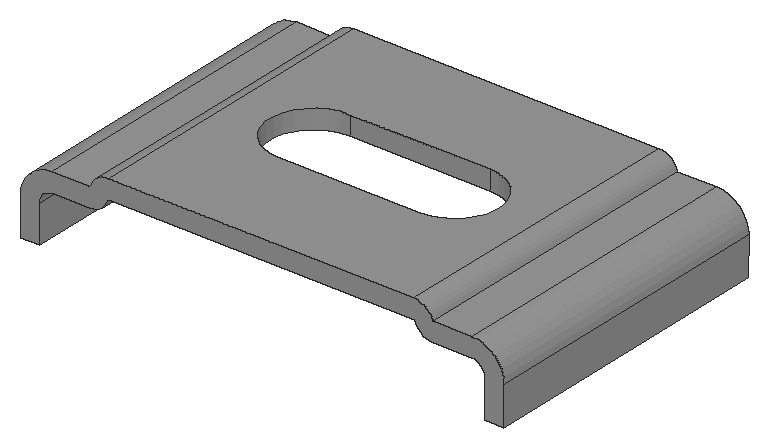
Revit family "Klemmstück für Gitterrinne - GKT 38 G", category Generic Models, Revit 2017
Family settings
  Can host rebar = No
  Round Connector Dimension = Use Diameter
  Part Type = Normal
  Work Plane-Based = No
  Always vertical = Yes
  Cut with Voids When Loaded = No
  Shared = No
  Room Calculation Point = No
Parameters (values of type "GKT 38 G")
  URL = "http://www.obo-bettermann.com"
  Material = Electro-galvanised
  Manufacturer Art.No. = "6017037"
  Manufacturer = "OBO BETTERMANN"
  GTIN = "4012196307937"
  Article Type = "GKT 38 G"
Types (5, lengths in mm): name | Material | Manufacturer Art.No. | GTIN | Article Type
  (no name) | Electro-galvanised | "6017037" | "4012196307937" | "GKT 38 G"
  GKT 38 G | Electro-galvanised | "6017037" | "4012196307937" | "GKT 38 G"
  GKT 38 FT | Hot-dip galvanised | "6017061" | "4012196013630" | "GKT 38 FT"
  GKT 38 A2 | Stainless steel, A2 | "6017045" | "4012196013579" | "GKT 38 A2"
  GKT 38 A4 | Stainless steel, A4 | "6017092" | "4012196120499" | "GKT 38 A4"
Reference planes
  plane 1 "Center (Front/Back)": y = 0
  plane 2: z = 0
  plane 3 "Center (Left/Right)": x = 0
  plane 4: y = 24
  plane 5: y = 12
Forms (mm)
  Extrusion 1, solid, material "Electro-galvanised" <- "Material"
    sketch origin (0, 0, 0) x (1, 0, 0) y (0, 0, 1)
      loop
        line (11.954, 2.63) -> (-12.029, 2.63)
        arc (-12.029, 2.63) -> (-12.942, 2.319) -> (-13.478, 1.517) r 1.5
        line (-13.478, 1.517) -> (-16.5, 1.517)
        arc (-16.5, 1.517) -> (-18.268, 0.785) -> (-19, -0.983) r 2.5
        line (-19, -0.983) -> (-19, -3.995) -> (-17.5, -3.995) -> (-17.5, -0.983)
        arc (-17.5, -0.983) -> (-17.207, -0.276) -> (-16.5, 0.017) r 1
        line (-16.5, 0.017) -> (-13.529, 0.017)
        arc (-13.529, 0.017) -> (-12.615, 0.327) -> (-12.08, 1.13) r 1.5
        line (-12.08, 1.13) -> (12.004, 1.13)
        arc (12.004, 1.13) -> (12.54, 0.327) -> (13.454, 0.017) r 1.5
        line (13.454, 0.017) -> (16.5, 0.017)
        arc (16.5, 0.017) -> (17.207, -0.276) -> (17.5, -0.983) r 1
        line (17.5, -0.983) -> (17.5, -3.995) -> (19, -3.995) -> (19, -0.983)
        arc (19, -0.983) -> (18.268, 0.785) -> (16.5, 1.517) r 2.5
        line (16.5, 1.517) -> (13.403, 1.517)
        arc (13.403, 1.517) -> (12.867, 2.319) -> (11.954, 2.63) r 1.5
    from 0 to -24
  Extrusion 2, void
    sketch origin (0, 0, 0) x (1, 0, 0) y (0, 1, 0)
      loop
        arc (-5.5, 15.5) -> (-9, 12) -> (-5.5, 8.5) r 3.5
        line (-5.5, 8.5) -> (5.5, 8.5)
        arc (5.5, 8.5) -> (9, 12) -> (5.5, 15.5) r 3.5
        line (5.5, 15.5) -> (-5.5, 15.5)
    from 1.13 to 2.63
Cuts and joins
  Extrusion 2 cuts Extrusion 1
Dimensions and locks
  locked: Extrusion 1 sketch curve to Extrusion 1 sketch curve at 38
  locked: Extrusion 1 sketch curve to Extrusion 1 sketch curve at 24.084
  locked: Extrusion 1 sketch curve to Extrusion 1 sketch curve at 26.881
  locked: Extrusion 1 sketch curve to Extrusion 1 sketch curve at 5.512  (x2)
  locked: Extrusion 1 sketch curve to Extrusion 1 sketch curve at 6.625  (x2)
  locked: Extrusion 1 sketch curve to Extrusion 1 sketch curve at 1.5  (x5)
  locked: level to Extrusion 1 sketch curve at 3.995
  locked: plane 3 "Center (Left/Right)" to Extrusion 1 sketch curve at 13.529
  locked: Extrusion 1 sketch curve to plane 3 "Center (Left/Right)" at 17.5
  locked: plane 1 "Center (Front/Back)" to plane 4 at 24
  locked: plane 1 "Center (Front/Back)" to plane 5 at 12
  locked: Extrusion 2 sketch curve to Extrusion 2 sketch curve at 7
  locked: plane 5 to Extrusion 2 sketch curve at 3.5
  locked: Extrusion 2 sketch curve to plane 3 "Center (Left/Right)" at 9
  locked: plane 3 "Center (Left/Right)" to Extrusion 2 sketch curve at 9
  aligned and locked: level to plane 2
  aligned and locked: plane 4 to Extrusion 1
  aligned and locked: Extrusion 1 to Extrusion 2  (x2)
Automatic sketch dimensions
  Extrusion 1 sketch curve to Extrusion 1 sketch curve = 0 mm  (x3)
  Extrusion 1 sketch curve to level = 0.983 mm  (x2)
  Extrusion 1 sketch curve to Extrusion 1 sketch curve = 0.051 mm  (x4)
